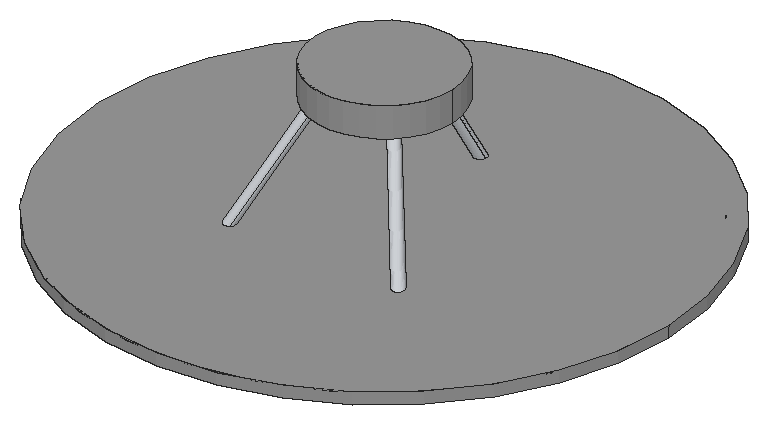
Revit family "URANUS_80W_4000K_8000LM_1000DIAM", category Lighting Fixtures, host Ceiling, Revit 2021
Family settings
  Host = Ceiling
  Round Connector Dimension = Use Diameter
  Part Type = Normal
  OmniClass Number = 23.80.70.11
  OmniClass Title = Luminaries for Internal Lighting
  Always vertical = Yes
  Cut with Voids When Loaded = No
  Light Source = Yes
  Shared = No
  Room Calculation Point = No
Parameters (values of type "Type 1")
  Wattage = 53.8568 W
  built-in parameter 1150110 = 1 (stored number, unit not read)
  Type de lampe = "SMD 2835 LM-80"
  Type = "Suspension"
  built-in parameter 1114217 = 1 (stored number, unit not read)
  Tilt Angle = 90.00°
  built-in parameter 1150109 = 1 (stored number, unit not read)
  built-in parameter 1150134 = 12
  built-in parameter 1150113 = 1 (stored number, unit not read)
  Puissance nominale = "80W"
  Photometric Web File = "google_eulumdat_converter (12).ies"
  Matériau = "Aluminium"
  Lumens = 8000 lm
  built-in parameter 1150115 = 1 (stored number, unit not read)
  built-in parameter 1150105 = 636.62 (stored number, unit not read)
  Longueur filins de suspension = "1900 mm"
  built-in parameter 1150137 = (empty or 0)
  built-in parameter 1150139 = (empty or 0)
  built-in parameter 1150112 = 1 (stored number, unit not read)
  built-in parameter 1150114 = 1 (stored number, unit not read)
  built-in parameter 1150132 = 2
  built-in parameter 1150102 = (empty or 0)
  built-in parameter 1150138 = (empty or 0)
  built-in parameter 1150107 = 4000 (stored number, unit not read)
  built-in parameter 1150106 = 6.3662 (stored number, unit not read)
  IRC = ">80"
  Fintion = "Blanc texturé"
  Emit from Circle Diameter = 609.6 mm
  Emit Shape Visible in Rendering = no
  built-in parameter 1150104 = 13.8 (stored number, unit not read)
  Durée de vie = "50 000 heures"
  Driver = "Driver Lifud"
  Dimming Lamp Color Temperature Shift = <None>
  Dimensions = "ø 1000 mm; H : 20 mm"
  Default Elevation = 0 mm
  Color Filter = 16777215
  built-in parameter 1114218 = 1 (stored number, unit not read)
  built-in parameter 1150133 = 10 (stored number, unit not read)
  Angle d'éclairage = "120°"
  Alimentation luminaire = "2x950mA / 27-42V"
  Alimentation Driver = "AC 200-240 V"
Reference planes
  plane 1 "Light Source Axis (F/B)": y = 0
  plane 2: z = 0
  plane 3 "Light Source Axis (L/R)": x = 0
  plane 4 "Ceiling": z = 4000
  plane 5 "Light Source Elevation": z = 3739.552
Forms (mm)
  Extrusion 1, solid, material "Aluminum, Blanc texturé"
    sketch origin (0, 0, 4000) x (0, 1, 0) y (-1, 0, 0)
      loop
        circle (0, 0) r 500
    from -257.5 to -237.5
  Extrusion 2, void
    sketch origin (0, 0, 4000) x (0, 1, 0) y (-1, 0, 0)
      loop
        circle (0, 0) r 470
    from -452.028 to -243.496
  Extrusion 3, solid, material "Glass, White, High Luminance"
    sketch origin (0, 0, 4000) x (0, 1, 0) y (-1, 0, 0)
      loop
        circle (0, 0) r 470
    from -257.5 to -254.495
  Extrusion 4, solid, material "Aluminum, Blanc texturé"
    sketch origin (0, 0, 4000) x (0, 1, 0) y (-1, 0, 0)
      loop
        circle (0, 0) r 120
    from -52.283 to 0
  Blend 5, solid
    base sketch origin (20.766, -11.354, 4000) x (-0.669131, 0.743145, 0) y (-0.743145, -0.669131, 0)
      loop
        circle (-187.094, 1.194) r 10
    top sketch origin (20.766, -11.354, 4000) x (-0.669131, 0.743145, 0) y (-0.743145, -0.669131, 0)
      loop
        circle (-69.632, 0) r 10
    from -237.5 to -52.283
  Blend 6, solid
    base sketch origin (1.636, 21.27, 4000) x (0, 1, 0) y (-1, 0, 0)
      loop
        circle (188.687, 0.818) r 10
    top sketch origin (1.636, 21.27, 4000) x (0, 1, 0) y (-1, 0, 0)
      loop
        circle (69.632, 0) r 10
    from -237.5 to -52.283
  Blend 7, solid
    base sketch origin (-20.766, -11.354, 4000) x (-0.669131, -0.743145, 0) y (0.743145, -0.669131, 0)
      loop
        circle (190.994, -2.978) r 10
    top sketch origin (-20.766, -11.354, 4000) x (-0.669131, -0.743145, 0) y (0.743145, -0.669131, 0)
      loop
        circle (69.632, 0) r 10
    from -237.5 to -52.283
Cuts and joins
  Extrusion 2 cuts Extrusion 1
Lines and regions (mm)
  reference lines
    curve 1: line (0, 0, 3750) -> (0, 0, 3762.5)
    curve 2: line (0, 0, 4000) -> (0, 0, 2100)
    curve 3: line (0, 0, 2100) -> (-60, 0, 2100)
    curve 4: line (0, 0, 4000) -> (250, 0, 4000)
    curve 5: line (250, 0, 4000) -> (250, 40, 4000)
    curve 6: line (0, 0, 4000) -> (300, 0, 4000)
    curve 7: line (300, 0, 4000) -> (300, 20, 4000)
    curve 8: line (0, 0, 3762.5) -> (0, 0, 3742.5)
    curve 9: line (0, 0, 3762.5) -> (0, 0, 3742.5)
    curve 10: line (0, 0, 4000) -> (500, 0, 4000)
    curve 11: line (500, 0, 4000) -> (500, 20, 4000)
Dimensions and locks
  equal spacing: host sketch curve, plane 3 "Light Source Axis (L/R)", host sketch curve
  equal spacing: host sketch curve, plane 1 "Light Source Axis (F/B)", host sketch curve
  host sketch curve to host sketch curve = 4000 mm  (x2)
  plane 4 "Ceiling" to host ceiling = 0 mm
  aligned and locked: plane 1 "Light Source Axis (F/B)" to imposter light
  aligned and locked: plane 5 "Light Source Elevation" to imposter light
